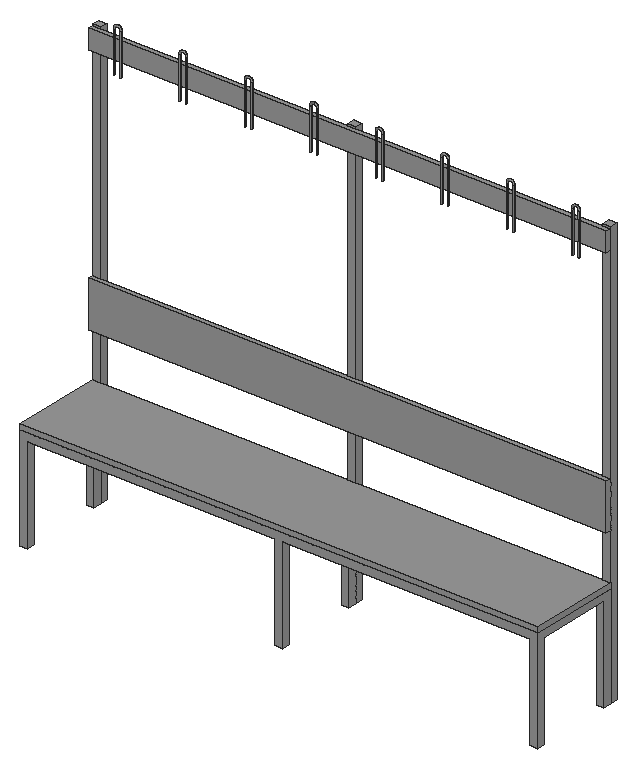
Revit family "Скамейка с вешалкой для раздевалок «Фортран Дуо» Арт 20743", category Антураж, Revit 2018
Family settings
  На основе рабочей плоскости = Нет
  Всегда вертикально = Да
  При загрузке вырезать с полостями = Нет
  Источник визуального образа = Геометрия семейства
  Общий = Нет
  Точка расчета площади = Нет
Parameters (values of type "Скамейка с вешалкой для раздевалок «Фортран Дуо»")
  Ширина = 380 mm  # constant formula
  Цвет опор = Сталь
  Цвет лавки = Настил HPL панели
  Описание = "Скамейка с вешалкой для раздевалок «Фортран Дуо»"  # constant formula
  Материал изделия = "Сталь, настил HPL панели"  # constant formula
  Изображение типоразмера = Скамейка с вешалкой для раздевалок «Фортран Дуо» Арт 20743.jpg
  Изготовитель = "ООО «Хоббика»"  # constant formula
  Длина = 2000 mm  # constant formula
  Группа модели = "Скамейки для раздевалок"  # constant formula
  Высота = 1650 mm  # constant formula
  Артикул товара = "Арт. 20743"  # constant formula
  URL = "https://hobbyka.ru/product/skameyka_s_veshalkoy_dlya_razdevalok_fortran_duo/"
Reference planes
  plane 1 "По центру (Вперед/Назад)": y = 0
  plane 2: z = 0
  plane 3 "По центру (Влево/Вправо)": x = 0
  plane 4: y = 380
  plane 5: x = 2000
  plane 6: z = 1650
Forms (mm)
  Extrusion 1, solid, material "Сталь" <- "Цвет опор"
    sketch origin (0, 0, 0) x (1, 0, 0) y (0, 1, 0)
      loop
        line (0, 380) -> (0, 350) -> (30, 350) -> (30, 380) -> (0, 380)
      loop
        line (1970, 380) -> (1970, 350) -> (2000, 350) -> (2000, 380) -> (1970, 380)
      loop
        line (985, 380) -> (985, 350) -> (1015, 350) -> (1015, 380) -> (985, 380)
    from 0 to 1650
  Extrusion 2, solid, material "Сталь" <- "Цвет опор"
    sketch origin (0, 0, 0) x (0, 1, 0) y (0, 0, 1)
      loop
        line (350, 0) -> (350, 400) -> (0, 400) -> (0, 0) -> (30, 0) -> (30, 370) -> (320, 370) -> (320, 0) -> (350, 0)
    from 0 to 30
  Extrusion 3, solid, material "Сталь" <- "Цвет опор"
    sketch origin (0, 0, 0) x (0, 1, 0) y (0, 0, 1)
      loop
        line (350, 0) -> (350, 400) -> (0, 400) -> (0, 0) -> (30, 0) -> (30, 370) -> (320, 370) -> (320, 0) -> (350, 0)
    from 1970 to 2000
  Extrusion 4, solid, material "Сталь" <- "Цвет опор"
    sketch origin (0, 0, 0) x (0, 1, 0) y (0, 0, 1)
      loop
        line (350, 0) -> (350, 400) -> (0, 400) -> (0, 0) -> (30, 0) -> (30, 370) -> (320, 370) -> (320, 0) -> (350, 0)
    from 985 to 1015
  Extrusion 5, solid, material "Сталь" <- "Цвет опор"
    sketch origin (0, 0, 0) x (0, 1, 0) y (0, 0, 1)
      loop
        line (350, 400) -> (320, 400) -> (320, 370) -> (350, 370) -> (350, 400)
      loop
        line (0, 400) -> (0, 370) -> (30, 370) -> (30, 400) -> (0, 400)
    from 0 to 2000
  Extrusion 6, solid, material "Настил HPL панели" <- "Цвет лавки"
    sketch origin (0, 0, 0) x (0, 1, 0) y (0, 0, 1)
      loop
        line (350, 400) -> (350, 420) -> (0, 420) -> (0, 400) -> (350, 400)
      loop
        line (350, 780) -> (330, 780) -> (330, 600) -> (350, 600) -> (350, 780)
      loop
        line (350, 1645) -> (330, 1645) -> (330, 1570) -> (350, 1570) -> (350, 1645)
    from 0 to 2000
  Sweep 7, solid, material "Сталь" <- "Цвет опор"
    path origin (2.5, 0, 0) x (1, 0, 0) y (0, 0, 1)
      loop
        line (100, 1520.55) -> (100, 1682.5)
        arc (100, 1682.5) -> (112.5, 1695) -> (125, 1682.5) r 12.5
        line (125, 1682.5) -> (125, 1520)
    profile origin (102.5, 0, 1601.525) x (-1, 0, 0) y (0, -1, 0)
      loop
        circle (0, -327.5) r 2.5
  Sweep 8, solid, material "Сталь" <- "Цвет опор"
    path origin (1772.5, 0, 0) x (1, 0, 0) y (0, 0, 1)
      loop
        line (100, 1520.55) -> (100, 1682.5)
        arc (100, 1682.5) -> (112.5, 1695) -> (125, 1682.5) r 12.5
        line (125, 1682.5) -> (125, 1520)
    profile origin (1872.5, 0, 1601.525) x (-1, 0, 0) y (0, -1, 0)
      loop
        circle (0, -327.5) r 2.5
  Sweep 9, solid, material "Сталь" <- "Цвет опор"
    path origin (255.357, 0, 0) x (1, 0, 0) y (0, 0, 1)
      loop
        line (100, 1520.55) -> (100, 1682.5)
        arc (100, 1682.5) -> (112.5, 1695) -> (125, 1682.5) r 12.5
        line (125, 1682.5) -> (125, 1520)
    profile origin (355.357, 0, 1601.525) x (-1, 0, 0) y (0, -1, 0)
      loop
        circle (0, -327.5) r 2.5
  Sweep 10, solid, material "Сталь" <- "Цвет опор"
    path origin (508.214, 0, 0) x (1, 0, 0) y (0, 0, 1)
      loop
        line (100, 1520.55) -> (100, 1682.5)
        arc (100, 1682.5) -> (112.5, 1695) -> (125, 1682.5) r 12.5
        line (125, 1682.5) -> (125, 1520)
    profile origin (608.214, 0, 1601.525) x (-1, 0, 0) y (0, -1, 0)
      loop
        circle (0, -327.5) r 2.5
  Sweep 11, solid, material "Сталь" <- "Цвет опор"
    path origin (761.071, 0, 0) x (1, 0, 0) y (0, 0, 1)
      loop
        line (100, 1520.55) -> (100, 1682.5)
        arc (100, 1682.5) -> (112.5, 1695) -> (125, 1682.5) r 12.5
        line (125, 1682.5) -> (125, 1520)
    profile origin (861.071, 0, 1601.525) x (-1, 0, 0) y (0, -1, 0)
      loop
        circle (0, -327.5) r 2.5
  Sweep 12, solid, material "Сталь" <- "Цвет опор"
    path origin (1013.929, 0, 0) x (1, 0, 0) y (0, 0, 1)
      loop
        line (100, 1520.55) -> (100, 1682.5)
        arc (100, 1682.5) -> (112.5, 1695) -> (125, 1682.5) r 12.5
        line (125, 1682.5) -> (125, 1520)
    profile origin (1113.929, 0, 1601.525) x (-1, 0, 0) y (0, -1, 0)
      loop
        circle (0, -327.5) r 2.5
  Sweep 13, solid, material "Сталь" <- "Цвет опор"
    path origin (1266.786, 0, 0) x (1, 0, 0) y (0, 0, 1)
      loop
        line (100, 1520.55) -> (100, 1682.5)
        arc (100, 1682.5) -> (112.5, 1695) -> (125, 1682.5) r 12.5
        line (125, 1682.5) -> (125, 1520)
    profile origin (1366.786, 0, 1601.525) x (-1, 0, 0) y (0, -1, 0)
      loop
        circle (0, -327.5) r 2.5
  Sweep 14, solid, material "Сталь" <- "Цвет опор"
    path origin (1519.643, 0, 0) x (1, 0, 0) y (0, 0, 1)
      loop
        line (100, 1520.55) -> (100, 1682.5)
        arc (100, 1682.5) -> (112.5, 1695) -> (125, 1682.5) r 12.5
        line (125, 1682.5) -> (125, 1520)
    profile origin (1619.643, 0, 1601.525) x (-1, 0, 0) y (0, -1, 0)
      loop
        circle (0, -327.5) r 2.5
Cuts and joins
  joined: Extrusion 2, Extrusion 3, Extrusion 4, Extrusion 5
Dimensions and locks
  "Ширина": plane 4 to plane 1 "По центру (Вперед/Назад)"
  "Длина": plane 3 "По центру (Влево/Вправо)" to plane 5
  "Высота": plane 6 to plane 2
  equal spacing: group 1, group 3, group 4, group 5, group 6, group 7, group 8, group 2  (x3)
  aligned and locked: level to plane 2
Automatic sketch dimensions
  Extrusion 1 sketch curve to plane 3 "По центру (Влево/Вправо)" = 0 mm
  Extrusion 1 sketch curve to plane 4 = 0 mm  (x2)
  plane 4 to Extrusion 1 sketch curve = 0 mm
  Extrusion 1 sketch curve to plane 5 = 0 mm
  plane 3 "По центру (Влево/Вправо)" to Extrusion 1 sketch curve = 30 mm
  Extrusion 1 sketch curve to Extrusion 1 sketch curve = 955 mm
  Extrusion 1 sketch curve to Extrusion 1 sketch curve = 30 mm
  Extrusion 1 sketch curve to plane 5 = 30 mm
  Extrusion 1 sketch curve to plane 4 = 30 mm  (x3)
  Extrusion 2 sketch curve to level = 0 mm  (x2)
  Extrusion 2 sketch curve to plane 1 "По центру (Вперед/Назад)" = 0 mm
  Extrusion 2 sketch curve to plane 1 "По центру (Вперед/Назад)" = 30 mm
  Extrusion 2 sketch curve to plane 4 = 60 mm
  Extrusion 2 sketch curve to plane 4 = 30 mm
  level to Extrusion 2 sketch curve = 370 mm
  Extrusion 2 sketch curve to Extrusion 2 sketch curve = 30 mm
  Extrusion 3 sketch curve to level = 0 mm  (x2)
  Extrusion 3 sketch curve to plane 1 "По центру (Вперед/Назад)" = 0 mm
  Extrusion 3 sketch curve to plane 1 "По центру (Вперед/Назад)" = 30 mm
  Extrusion 3 sketch curve to plane 4 = 60 mm
  Extrusion 3 sketch curve to plane 4 = 30 mm
  level to Extrusion 3 sketch curve = 370 mm
  Extrusion 3 sketch curve to Extrusion 3 sketch curve = 30 mm
  Extrusion 4 sketch curve to level = 0 mm  (x2)
  Extrusion 4 sketch curve to plane 1 "По центру (Вперед/Назад)" = 0 mm
  Extrusion 4 sketch curve to plane 1 "По центру (Вперед/Назад)" = 30 mm
  Extrusion 4 sketch curve to plane 4 = 60 mm
  Extrusion 4 sketch curve to plane 4 = 30 mm
  level to Extrusion 4 sketch curve = 370 mm
  Extrusion 4 sketch curve to Extrusion 4 sketch curve = 30 mm
  Extrusion 5 sketch curve to plane 1 "По центру (Вперед/Назад)" = 0 mm
  Extrusion 5 sketch curve to Extrusion 5 sketch curve = 30 mm  (x4)
  Extrusion 5 sketch curve to plane 4 = 60 mm
  level to Extrusion 5 sketch curve = 370 mm
  Extrusion 5 sketch curve to Extrusion 5 sketch curve = 0 mm
  Extrusion 6 sketch curve to plane 1 "По центру (Вперед/Назад)" = 0 mm
  Extrusion 6 sketch curve to plane 6 = 5 mm
  Extrusion 6 sketch curve to plane 4 = 50 mm  (x2)
  Extrusion 6 sketch curve to Extrusion 6 sketch curve = 20 mm  (x3)
  Extrusion 6 sketch curve to plane 4 = 30 mm
  Extrusion 6 sketch curve to Extrusion 6 sketch curve = 75 mm
  level to Extrusion 6 sketch curve = 780 mm
  Extrusion 6 sketch curve to Extrusion 6 sketch curve = 180 mm  (x2)
  Sweep 7 sketch curve to Sweep 7 sketch curve = 12.5 mm
  Sweep 7 sketch curve to Sweep 7 sketch curve = 0.55 mm
  Sweep 7 sketch curve to profile plane = 0 mm
  Sweep 7 sketch curve to Sweep 7 sketch curve = 162.5 mm
  Sweep 7 sketch curve to profile plane = 327.5 mm
  Sweep 8 sketch curve to Sweep 8 sketch curve = 12.5 mm
  Sweep 8 sketch curve to Sweep 8 sketch curve = 0.55 mm
  Sweep 8 sketch curve to profile plane = 0 mm
  Sweep 8 sketch curve to Sweep 8 sketch curve = 162.5 mm
  Sweep 8 sketch curve to profile plane = 327.5 mm
  Sweep 9 sketch curve to Sweep 9 sketch curve = 12.5 mm
  Sweep 9 sketch curve to Sweep 9 sketch curve = 0.55 mm
  Sweep 9 sketch curve to profile plane = 0 mm
  Sweep 9 sketch curve to Sweep 9 sketch curve = 162.5 mm
  Sweep 9 sketch curve to profile plane = 327.5 mm
  Sweep 10 sketch curve to Sweep 10 sketch curve = 12.5 mm
  Sweep 10 sketch curve to Sweep 10 sketch curve = 0.55 mm
  Sweep 10 sketch curve to profile plane = 0 mm
  Sweep 10 sketch curve to Sweep 10 sketch curve = 162.5 mm
  Sweep 10 sketch curve to profile plane = 327.5 mm
  Sweep 11 sketch curve to Sweep 11 sketch curve = 12.5 mm
  Sweep 11 sketch curve to Sweep 11 sketch curve = 0.55 mm
  Sweep 11 sketch curve to profile plane = 0 mm
  Sweep 11 sketch curve to Sweep 11 sketch curve = 162.5 mm
  Sweep 11 sketch curve to profile plane = 327.5 mm
  Sweep 12 sketch curve to Sweep 12 sketch curve = 12.5 mm
  Sweep 12 sketch curve to Sweep 12 sketch curve = 0.55 mm
  Sweep 12 sketch curve to profile plane = 0 mm
  Sweep 12 sketch curve to Sweep 12 sketch curve = 162.5 mm
  Sweep 12 sketch curve to profile plane = 327.5 mm
  Sweep 13 sketch curve to Sweep 13 sketch curve = 12.5 mm
  Sweep 13 sketch curve to Sweep 13 sketch curve = 0.55 mm
  Sweep 13 sketch curve to profile plane = 0 mm
  Sweep 13 sketch curve to Sweep 13 sketch curve = 162.5 mm
  Sweep 13 sketch curve to profile plane = 327.5 mm
  Sweep 14 sketch curve to Sweep 14 sketch curve = 12.5 mm
  Sweep 14 sketch curve to Sweep 14 sketch curve = 0.55 mm
  Sweep 14 sketch curve to profile plane = 0 mm
  Sweep 14 sketch curve to Sweep 14 sketch curve = 162.5 mm
  Sweep 14 sketch curve to profile plane = 327.5 mm
  radius of Sweep 7 sketch curve = 2.5 mm
  radius of Sweep 8 sketch curve = 2.5 mm
  radius of Sweep 9 sketch curve = 2.5 mm
  radius of Sweep 10 sketch curve = 2.5 mm
  radius of Sweep 11 sketch curve = 2.5 mm
  radius of Sweep 12 sketch curve = 2.5 mm
  radius of Sweep 13 sketch curve = 2.5 mm
  radius of Sweep 14 sketch curve = 2.5 mm
